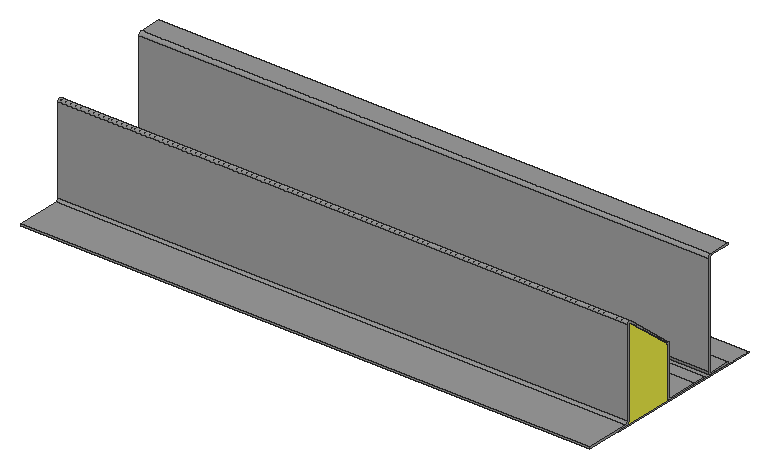
Revit family "L1 S 110 WOL 215", category Generic Models, Revit 2014
Parameters (values of type "Max lintel length 3600mm")
  URL = "http://iglintels.com/"
  Structural Opening [instance] = 900 mm
  Structural Performance = "The IG lintel range has safe working loads as detailed in each applicable loading table in the Keystone Lintel Guide brochure. The structural performance figures within each table have been ascertained by testing in accordance with the requirements of standards BS EN 5977-2: 1983 and BS EN 845-2: 2003."
  RIBA Productor Selector = "available for Keystone Lintels Ltd from Keystone Lintels Ltd from ribaproductselector.com"
  Model = "L1/S 110 WOL 215"
  Min Length = 600 mm
  Min Clear Span = 300 mm
  Max Length = 3600 mm
  Max Clear Span = 3600 mm
  Material - Stainless Steel = "Grade 304 2b 1.4307 to BS EN 10088-2. Other grades available on request: contact manufacturer."
  Material - Galvanised Steel = "To BS EN 10346: 2009. DX51D plus Z600 or grade Z275 to BS 5977-2: 1983 (BS EN 845-2: 2003)."
  Manufacturer = "IG"
  Manufactured Length [instance] = (roundup(Effective Length / 150 mm) * 150 mm)  # 1200 mm
  Lintel height [instance] = 2100 mm
  Keynote = "F30/755"
  Fire Performance = "IG lintels have been subjected to a fire test (WARRES No. 101263) in accordance with BS 476-20: 1987, at Exova Warrington Fire and achieved a one hour fire performance."
  End Bearing = 150 mm
  Effective Length [instance] = Clear Opening with MIN MAX set + End Bearing * 2  # 1200 mm
  Corrosion = "IG’s standard range of lintels are manufactured from high quality grade pre-galvanized carbon steel with a zinc coating of 600"
  Contact Tel = "01633 486 486"
  Contact Email = "info@igltd.co.uk"
  Clear Opening with MIN MAX set [instance] = if(Structural Opening < Min Clear Span, Min Clear Span, (if(Structural Opening > Max Clear Span, Max Clear Span, Structural Opening)))  # 900 mm
  CPD Information = "Available for Keystone Lintels Ltd from ribacpd.com"
Reference planes
  plane 1 "Center (Front/Back)": y = 0
  plane 2: z = 0
  plane 3 "Center (Left/Right)": x = 0
  plane 4: x = -600
  plane 5: x = 600
  plane 6: z = 2100
  plane 7: x = -450
  plane 8: x = 450
Forms (mm)
  Extrusion 1, solid, material "Steel"
    sketch origin (0, 770.701, -497.996) x (0, 1, 0) y (0, 0, 1)
      loop
        line (-925.986, 2597.996) -> (-830.986, 2597.996)
        arc (-830.986, 2597.996) -> (-825.188, 2600.398) -> (-822.786, 2606.196) r 8.2
        line (-822.786, 2606.196) -> (-822.786, 2787.753)
        arc (-822.786, 2787.753) -> (-821.631, 2789.565) -> (-819.501, 2789.285) r 2
        line (-819.501, 2789.285) -> (-721.901, 2707.389)
        arc (-721.901, 2707.389) -> (-721.374, 2706.702) -> (-721.186, 2705.857) r 2
        line (-721.186, 2705.857) -> (-721.186, 2606.196)
        arc (-721.186, 2606.196) -> (-718.784, 2600.398) -> (-712.986, 2597.996) r 8.2
        line (-712.986, 2597.996) -> (-648.042, 2597.996) -> (-622.986, 2597.996) -> (-622.986, 2601.196) -> (-647.986, 2601.196) -> (-712.986, 2601.196)
        arc (-712.986, 2601.196) -> (-716.522, 2602.66) -> (-717.986, 2606.196) r 5
        line (-717.986, 2606.196) -> (-717.986, 2705.857)
        arc (-717.986, 2705.857) -> (-718.473, 2708.054) -> (-719.844, 2709.84) r 5.2
        line (-719.844, 2709.84) -> (-817.444, 2791.736)
        arc (-817.444, 2791.736) -> (-822.984, 2792.466) -> (-825.986, 2787.753) r 5.2
        line (-825.986, 2787.753) -> (-825.986, 2606.196)
        arc (-825.986, 2606.196) -> (-827.451, 2602.66) -> (-830.986, 2601.196) r 5
        line (-830.986, 2601.196) -> (-925.986, 2601.196) -> (-925.986, 2597.996)
    from -600 to 600
  Extrusion 2, solid, material "Steel"
    sketch origin (0, 770.701, -497.996) x (0, 1, 0) y (0, 0, 1)
      loop
        line (-605.486, 2822.486) -> (-560.986, 2822.486) -> (-560.986, 2825.686) -> (-605.486, 2825.686)
        arc (-605.486, 2825.686) -> (-610.789, 2823.49) -> (-612.986, 2818.186) r 7.5
        line (-612.986, 2818.186) -> (-612.986, 2604.996)
        arc (-612.986, 2604.996) -> (-610.936, 2600.046) -> (-605.986, 2597.996) r 7
        line (-605.986, 2597.996) -> (-560.986, 2597.996) -> (-560.986, 2601.196) -> (-605.986, 2601.196)
        arc (-605.986, 2601.196) -> (-608.673, 2602.309) -> (-609.786, 2604.996) r 3.8
        line (-609.786, 2604.996) -> (-609.786, 2818.186)
        arc (-609.786, 2818.186) -> (-608.527, 2821.227) -> (-605.486, 2822.486) r 4.3
    from -600 to 600
  Extrusion 3, solid, material "Steel"
    sketch origin (0, 770.701, -497.996) x (0, 1, 0) y (0, 0, 1)
      loop
        line (-847.986, 2594.796) -> (-507.986, 2594.796) -> (-507.986, 2597.996) -> (-847.986, 2597.996) -> (-847.986, 2594.796)
    from -600 to 600
  Extrusion 4, solid, material "Insulation"
    sketch origin (0, 770.701, -497.996) x (0, 1, 0) y (0, 0, 1)
      loop
        arc (-712.986, 2597.996) -> (-718.784, 2600.398) -> (-721.186, 2606.196) r 8.2
        line (-721.186, 2606.196) -> (-721.186, 2705.857)
        arc (-721.186, 2705.857) -> (-721.374, 2706.702) -> (-721.901, 2707.389) r 2
        line (-721.901, 2707.389) -> (-819.501, 2789.285)
        arc (-819.501, 2789.285) -> (-821.631, 2789.565) -> (-822.786, 2787.753) r 2
        line (-822.786, 2787.753) -> (-822.786, 2606.196)
        arc (-822.786, 2606.196) -> (-825.188, 2600.398) -> (-830.986, 2597.996) r 8.2
        line (-830.986, 2597.996) -> (-712.986, 2597.996)
    from -600 to 600
  Extrusion 5, solid, not visible
    sketch origin (0, 572.544, 1271.324) x (0, 1, 0) y (0, 0, 1)
      loop
        line (-925.986, 997.996) -> (-830.986, 997.996)
        arc (-830.986, 997.996) -> (-825.188, 1000.398) -> (-822.786, 1006.196) r 8.2
        line (-822.786, 1006.196) -> (-822.786, 1187.753)
        arc (-822.786, 1187.753) -> (-821.631, 1189.565) -> (-819.501, 1189.285) r 2
        line (-819.501, 1189.285) -> (-721.901, 1107.389)
        arc (-721.901, 1107.389) -> (-721.374, 1106.702) -> (-721.186, 1105.857) r 2
        line (-721.186, 1105.857) -> (-721.186, 1006.196)
        arc (-721.186, 1006.196) -> (-718.784, 1000.398) -> (-712.986, 997.996) r 8.2
        line (-712.986, 997.996) -> (-648.042, 997.996) -> (-622.986, 997.996) -> (-622.986, 1001.196) -> (-647.986, 1001.196) -> (-712.986, 1001.196)
        arc (-712.986, 1001.196) -> (-716.522, 1002.66) -> (-717.986, 1006.196) r 5
        line (-717.986, 1006.196) -> (-717.986, 1105.857)
        arc (-717.986, 1105.857) -> (-718.473, 1108.054) -> (-719.844, 1109.84) r 5.2
        line (-719.844, 1109.84) -> (-817.444, 1191.736)
        arc (-817.444, 1191.736) -> (-822.984, 1192.466) -> (-825.986, 1187.753) r 5.2
        line (-825.986, 1187.753) -> (-825.986, 1006.196)
        arc (-825.986, 1006.196) -> (-827.451, 1002.66) -> (-830.986, 1001.196) r 5
        line (-830.986, 1001.196) -> (-925.986, 1001.196) -> (-925.986, 997.996)
    from 0 to 250
  Extrusion 6, solid, not visible
    sketch origin (0, 733.455, 1352.506) x (0, 1, 0) y (0, 0, 1)
      loop
        line (-605.486, 1222.486) -> (-560.986, 1222.486) -> (-560.986, 1225.686) -> (-605.486, 1225.686)
        arc (-605.486, 1225.686) -> (-610.789, 1223.49) -> (-612.986, 1218.186) r 7.5
        line (-612.986, 1218.186) -> (-612.986, 1004.996)
        arc (-612.986, 1004.996) -> (-610.936, 1000.046) -> (-605.986, 997.996) r 7
        line (-605.986, 997.996) -> (-560.986, 997.996) -> (-560.986, 1001.196) -> (-605.986, 1001.196)
        arc (-605.986, 1001.196) -> (-608.673, 1002.309) -> (-609.786, 1004.996) r 3.8
        line (-609.786, 1004.996) -> (-609.786, 1218.186)
        arc (-609.786, 1218.186) -> (-608.527, 1221.227) -> (-605.486, 1222.486) r 4.3
    from 0 to 250
  Extrusion 7, solid, not visible
    sketch origin (0, 608.879, 853.761) x (0, 1, 0) y (0, 0, 1)
      loop
        arc (-712.986, 997.996) -> (-718.784, 1000.398) -> (-721.186, 1006.196) r 8.2
        line (-721.186, 1006.196) -> (-721.186, 1105.857)
        arc (-721.186, 1105.857) -> (-721.374, 1106.702) -> (-721.901, 1107.389) r 2
        line (-721.901, 1107.389) -> (-819.501, 1189.285)
        arc (-819.501, 1189.285) -> (-821.631, 1189.565) -> (-822.786, 1187.753) r 2
        line (-822.786, 1187.753) -> (-822.786, 1006.196)
        arc (-822.786, 1006.196) -> (-825.188, 1000.398) -> (-830.986, 997.996) r 8.2
        line (-830.986, 997.996) -> (-712.986, 997.996)
    from 0 to 250
  Extrusion 8, solid, not visible
    sketch origin (0, 985.147, 1075.514) x (0, 1, 0) y (0, 0, 1)
      loop
        line (-847.986, 994.796) -> (-507.986, 994.796) -> (-507.986, 997.996) -> (-847.986, 997.996) -> (-847.986, 994.796)
    from 0 to 250
Dimensions and locks
  equal spacing: plane 4, plane 3 "Center (Left/Right)", plane 5
  "Manufactured Length": plane 4 to plane 5
  "Lintel height": plane 6 to level
  "Structural Opening": plane 7 to plane 8
  equal spacing: plane 7, plane 3 "Center (Left/Right)", plane 8
  aligned and locked: level to plane 2
  aligned and locked: Extrusion 1 to plane 6
  aligned and locked: Extrusion 4 to plane 6
  aligned and locked: Extrusion 2 to plane 6
  aligned and locked: plane 6 to Extrusion 3
  aligned and locked: plane 5 to Extrusion 1
  aligned and locked: Extrusion 1 to plane 4
  aligned and locked: plane 5 to Extrusion 2
  aligned and locked: Extrusion 2 to plane 4
  aligned and locked: plane 5 to Extrusion 3
  aligned and locked: Extrusion 3 to plane 4
  aligned and locked: plane 5 to Extrusion 4
  aligned and locked: Extrusion 4 to plane 4
Automatic sketch dimensions
  Extrusion 1 sketch curve to Extrusion 1 sketch curve = 95 mm
  Extrusion 1 sketch curve to Extrusion 1 sketch curve = 3.2 mm
  Extrusion 1 sketch curve to Extrusion 1 sketch curve = 5 mm  (x2)
  Extrusion 1 sketch curve to Extrusion 1 sketch curve = 181.557 mm
  Extrusion 1 sketch curve to Extrusion 1 sketch curve = 0 mm  (x16)
  Extrusion 1 sketch curve to Extrusion 1 sketch curve = 2 mm
  Extrusion 1 sketch curve to Extrusion 1 sketch curve = 1.286 mm  (x2)
  Extrusion 1 sketch curve to Extrusion 1 sketch curve = 2.057 mm  (x2)
  Extrusion 1 sketch curve to Extrusion 1 sketch curve = 97.6 mm
  Extrusion 1 sketch curve to Extrusion 1 sketch curve = 81.896 mm
  Extrusion 1 sketch curve to Extrusion 1 sketch curve = 2.451 mm
  Extrusion 1 sketch curve to Extrusion 1 sketch curve = 1.532 mm
  Extrusion 1 sketch curve to Extrusion 1 sketch curve = 99.661 mm
  Extrusion 1 sketch curve to Extrusion 1 sketch curve = 69.944 mm
  Extrusion 1 sketch curve to Extrusion 1 sketch curve = 25.056 mm
  Extrusion 1 sketch curve to Extrusion 1 sketch curve = 0.056 mm
  Extrusion 2 sketch curve to Extrusion 2 sketch curve = 44.5 mm
  Extrusion 2 sketch curve to Extrusion 2 sketch curve = 3.2 mm
  Extrusion 2 sketch curve to Extrusion 2 sketch curve = 0 mm  (x8)
  Extrusion 2 sketch curve to Extrusion 2 sketch curve = 4.3 mm
  Extrusion 2 sketch curve to Extrusion 2 sketch curve = 213.19 mm
  Extrusion 2 sketch curve to Extrusion 2 sketch curve = 3.8 mm
  Extrusion 2 sketch curve to Extrusion 2 sketch curve = 45 mm
  Extrusion 3 sketch curve to Extrusion 3 sketch curve = 340 mm
  Extrusion 3 sketch curve to Extrusion 3 sketch curve = 3.2 mm
  Extrusion 4 sketch curve to Extrusion 4 sketch curve = 8.2 mm  (x2)
  Extrusion 4 sketch curve to Extrusion 4 sketch curve = 101.6 mm
  Extrusion 4 sketch curve to Extrusion 4 sketch curve = 0 mm  (x4)
  Extrusion 4 sketch curve to Extrusion 4 sketch curve = 81.896 mm
  Extrusion 4 sketch curve to Extrusion 4 sketch curve = 2 mm
  Extrusion 4 sketch curve to Extrusion 4 sketch curve = 1.286 mm
  Extrusion 4 sketch curve to Extrusion 4 sketch curve = 0.714 mm
  Extrusion 4 sketch curve to Extrusion 4 sketch curve = 1.532 mm
  Extrusion 4 sketch curve to Extrusion 4 sketch curve = 99.661 mm
  Extrusion 5 sketch curve to Extrusion 5 sketch curve = 95 mm
  Extrusion 5 sketch curve to Extrusion 5 sketch curve = 3.2 mm
  Extrusion 5 sketch curve to Extrusion 5 sketch curve = 0 mm  (x16)
  Extrusion 5 sketch curve to Extrusion 5 sketch curve = 5 mm  (x2)
  Extrusion 5 sketch curve to Extrusion 5 sketch curve = 181.557 mm
  Extrusion 5 sketch curve to Extrusion 5 sketch curve = 2 mm
  Extrusion 5 sketch curve to Extrusion 5 sketch curve = 1.286 mm  (x2)
  Extrusion 5 sketch curve to Extrusion 5 sketch curve = 2.057 mm  (x2)
  Extrusion 5 sketch curve to Extrusion 5 sketch curve = 97.6 mm
  Extrusion 5 sketch curve to Extrusion 5 sketch curve = 81.896 mm
  Extrusion 5 sketch curve to Extrusion 5 sketch curve = 2.451 mm
  Extrusion 5 sketch curve to Extrusion 5 sketch curve = 1.532 mm
  Extrusion 5 sketch curve to Extrusion 5 sketch curve = 99.661 mm
  Extrusion 5 sketch curve to Extrusion 5 sketch curve = 69.944 mm
  Extrusion 5 sketch curve to Extrusion 5 sketch curve = 25.056 mm
  Extrusion 5 sketch curve to Extrusion 5 sketch curve = 0.056 mm
  Extrusion 6 sketch curve to Extrusion 6 sketch curve = 44.5 mm
  Extrusion 6 sketch curve to Extrusion 6 sketch curve = 3.2 mm
  Extrusion 6 sketch curve to Extrusion 6 sketch curve = 0 mm  (x8)
  Extrusion 6 sketch curve to Extrusion 6 sketch curve = 4.3 mm
  Extrusion 6 sketch curve to Extrusion 6 sketch curve = 213.19 mm
  Extrusion 6 sketch curve to Extrusion 6 sketch curve = 3.8 mm
  Extrusion 6 sketch curve to Extrusion 6 sketch curve = 45 mm
  Extrusion 7 sketch curve to Extrusion 7 sketch curve = 8.2 mm  (x2)
  Extrusion 7 sketch curve to Extrusion 7 sketch curve = 101.6 mm
  Extrusion 7 sketch curve to Extrusion 7 sketch curve = 0 mm  (x4)
  Extrusion 7 sketch curve to Extrusion 7 sketch curve = 81.896 mm
  Extrusion 7 sketch curve to Extrusion 7 sketch curve = 2 mm
  Extrusion 7 sketch curve to Extrusion 7 sketch curve = 1.286 mm
  Extrusion 7 sketch curve to Extrusion 7 sketch curve = 0.714 mm
  Extrusion 7 sketch curve to Extrusion 7 sketch curve = 1.532 mm
  Extrusion 7 sketch curve to Extrusion 7 sketch curve = 99.661 mm
  Extrusion 8 sketch curve to Extrusion 8 sketch curve = 340 mm
  Extrusion 8 sketch curve to Extrusion 8 sketch curve = 3.2 mm
  Extrusion 4 sketch curve to plane 6 = 0 mm
  plane 1 "Center (Front/Back)" to Extrusion 4 sketch curve = 60.286 mm
  Extrusion 1 sketch curve to plane 6 = 0 mm
  plane 1 "Center (Front/Back)" to Extrusion 1 sketch curve = 155.286 mm
  Extrusion 3 sketch curve to plane 6 = 0 mm
  plane 1 "Center (Front/Back)" to Extrusion 3 sketch curve = 77.286 mm
  Extrusion 2 sketch curve to plane 6 = 0 mm
  Extrusion 2 sketch curve to plane 1 "Center (Front/Back)" = 157.714 mm
